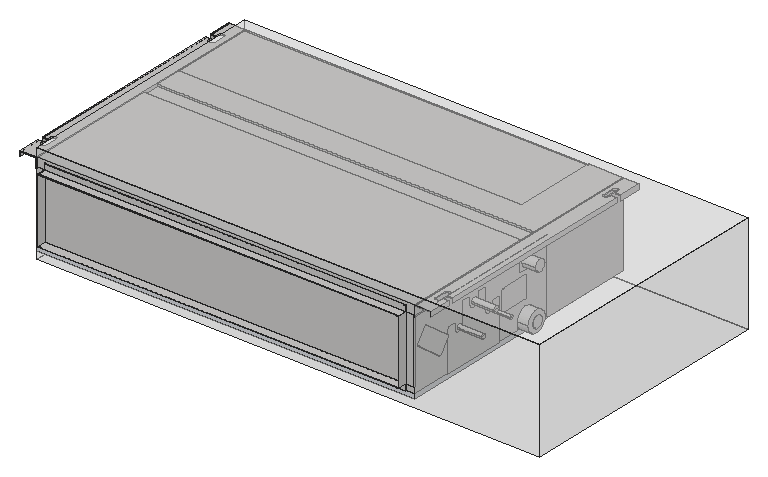
Revit family "outputfile", category 機械設備, Revit 2024
Family settings
  丸型コネクタ寸法 = 半径を使用
  パーツ タイプ = 標準
  OmniClass 番号 = 23.75.10.24.21.27.27
  OmniClass タイトル = Split System Air Conditioning Units
  作業面ベース = いいえ
  常に垂直 = はい
  ロード時にボイドで切り取り = いいえ
  注釈の向きを維持 = いいえ
  共有 = いいえ
  部屋計算ポイント = はい
Parameters (values of type "FPRQ50APVM")
  Description = ""
  書き出し IFC クラス(タイプ) = "IfcUnitaryEquipmentType"
  定義済み IFC タイプ(タイプ) = "AIRCONDITIONINGUNIT"
  Cost = 0
  Type Comments = ""
  Keynote = ""
  Type Image = (empty or 0)
  Assembly Code = ""
  w_RA Duct Size = RA Duct Size Width + 40.0 mm  # 820.0 mm
  r_HP/LP Gas Pipe Size = [HP/LP Gas Pipe Size] / 2  # 4.75 mm
  lw_HP/LP Gas Pipe Size = 60.0 mm  # constant formula
  lh_HP/LP Gas Pipe Size = 97.0 mm
  ld_HP/LP Gas Pipe Size = 131.0 mm
  製造元 = "Daikin"
  モデル = "FPRQ50APVM"
  w_pipe = 33.0 mm
  r_Liquid Pipe Size = Liquid Pipe Size / 2  # 3.2 mm
  r_Gas Pipe Size = Gas Pipe Size / 2  # 6.35 mm
  r_Drain Pipe Size = Drain Pipe Size / 2  # 13.0 mm
  lw_powersupply = 304.0 mm
  lh_suctionflange [instance] = if(Rear Connection_Return Air, 100.0 mm + [h***], 190.0 mm + [h***])  # 100.0 mm
  ld_suctionflange [instance] = if(Rear Connection_Return Air, 190.0 mm, 100.0 mm)  # 190.0 mm
  ld_powersupply = 60.0 mm
  angle_vertical_RA [instance] = if(Rear Connection_Return Air, 90.00°, 0.00°)  # 90.00°
  angle horizontal_RA [instance] = if(Rear Connection_Return Air, 180.00°, 270.00°)  # 180.00°
  Voltage_comment_60Hz = "220-230"
  Voltage_comment_50Hz = "220 - 240"
  Voltage_60Hz = 220 V
  Voltage_50Hz = 230 V
  URL = ""
  Supply Air Direction [instance] = yes
  Sound Power Level_H speed (dB) = 0
  Rear Connection_Return Air [instance] = not(Bottom Connection_Return Air)  # yes
  RA_length = 190.0 mm  # constant formula
  Phase_60Hz = 1
  Phase_50Hz = 1
  Minimum External Static Pressure = 20.00 Pa
  Minimum Circuit Amps_60Hz = 0.63 A
  Minimum Circuit Amps_50Hz = 0.63 A
  Maximum Fuse Amps_60Hz = 16.0 A
  Maximum Fuse Amps_50Hz = 16.0 A
  Maximum External Static Pressure = 50.00 Pa
  Material_Casing = DAIKIN_GalvanizedSteel_Casing_indoorunit
  lw_liquidpipe = 54.5 mm  # constant formula
  lw_gaspipe = 54.5 mm  # constant formula
  lw_mountinghole_pitch = Width + 40.0 mm  # 940.0 mm
  lw_mountinghole = 20.0 mm  # constant formula
  lw_drainpipe = 33.0 mm  # constant formula
  lh_powersupply = 10.0 mm
  lh_liquidpipe = 97.0 mm
  lh_gaspipe = 133.0 mm
  lh_mountinghole = Height + [h***]  # 200.0 mm
  lh_drainpipe = 50.0 mm
  lh_antena = 1.0 mm  # constant formula
  ld_liquidpipe = 221.0 mm  # constant formula
  ld_gaspipe = 176.0 mm  # constant formula
  ld_mountinghole_pitch = 500.0 mm  # constant formula
  ld_drainpipe = 287.0 mm  # constant formula
  ld_controlbox = 626.0 mm  # constant formula
  h*** = 0.0 mm  # constant formula
  d_dischargeflange = 22.2 mm  # constant formula
  Width = 900.0 mm
  Version = "ver.1.0"
  Unit Type = "Compact Moisture Control Ceiling Mounted Duct Type"
  Unit Mass Weight = 28.00 kg
  Unit Designation [instance] = ""
  Uniclass2015Version = "Products v1.30"
  Uniclass2015Title = "Variable refrigerant flow units"
  Uniclass2015Code = "Pr_70_65_03_94"
  Total Cooling Capacity [instance] = 0.000 kW
  Sound Pressure Level_M speed (dBA) = 32
  Sound Pressure Level_L speed (dBA) = 28
  Sound Pressure Level_H speed (dBA) = 36
  Series = "VRV HOME_Fan Coil Unit"
  Sensible Cooling Capacity [instance] = 0.000 kW
  SA Duct Size Width = 860.0 mm
  SA Duct Size Height = 153.0 mm
  Refrigerant Type = "R410A"
  RA Duct Size Width = 780.0 mm
  RA Duct Size Height = 160.0 mm
  Power Input (Cooling) = 0.055 kW
  Option Accessory 3 [instance] = ""
  Option Accessory 2 [instance] = ""
  Option Accessory 1 [instance] = ""
  Nominal Cooling Capacity = 5.600 kW
  Minimum Airflow = 600.00 m³/h
  Median Airflow = 690.00 m³/h
  Maximum Airflow = 810.00 m³/h
  Load Classification = HVAC
  Liquid Pipe Size = 6.4 mm
  Link_Nested Family [instance] = ""
  IfcVersion = ""
  IfcExportType = "AIRCONDITIONINGUNIT"
  IfcExportAs = "IfcUnitaryEquipmentType"
  Height = 200.0 mm
  Heat Exchanger Type = "Cross Fin Coil"
  HP/LP Gas Pipe Size = 9.5 mm
  Gas Pipe Size = 12.7 mm
  Frequency_60Hz = 60 Hz
  Frequency_50Hz = 50 Hz
  Fan Type = "Sirocco Fan"
  Fan Drive = "Direct Drive"
  FCU Tag No. [instance] = ""
  Drain Pipe Size = 26.0 mm
  Design Supply Airflow [instance] = 0.00 m³/h
  Design Return Airflow [instance] = 0.00 m³/h
  Design External Static Pressure [instance] = 0.00 Pa
  Depth = 620.0 mm
  既定の高さ = 0.0 mm
  Cooling Entering Wet Bulb Temperature [instance] = 0.00 °C
  Cooling Entering Dry Bulb Temperature [instance] = 0.00 °C
  Cooling Ambient Wet Bulb Temperature [instance] = 0.00 °C
  Cooling Ambient Dry Bulb Temperature [instance] = 0.00 °C
  Clearance visibility [instance] = yes
  Clearance Top = 20.0 mm
  Clearance Right = 300.0 mm
  Clearance Rear = 0.0 mm
  Clearance Left = 0.0 mm
  Clearance Front = 0.0 mm
  Clearance Bottom = 20.0 mm
  Bottom Connection_Return Air [instance] = no
Reference planes
  plane 1 "Center (Front/Back)": y = 0
  plane 2: z = 0
  plane 3 "Center (Left/Right)": x = 0
  plane 4 "Back": y = 310
  plane 5 "Front": y = -310
  plane 6 "Left": x = -450
  plane 7 "Right": x = 450
  plane 8 "Top": z = 0
  plane 9 "Bottom": z = -200
  plane 10: x = 330
  plane 11: x = -330
  plane 12: z = -190
  plane 13: z = -6
  plane 14: z = -22
  plane 15: z = -103
  plane 16: z = -67
  plane 17: x = -304
  plane 18: x = 304
  plane 19: x = -470
  plane 20: x = 470
  plane 21: y = -250
  plane 22: y = 250
  plane 23: x = -490
  plane 24: x = 390
  plane 25: x = 504.5
  plane 26: x = 504.5
  plane 27: x = 483
  plane 28: z = 0
  plane 29: z = -150
  plane 30 "Clearance Left": x = -450
  plane 31 "Clearance Right": x = 750
  plane 32 "Clearance Rear": y = 310
  plane 33 "Clearance Front": y = -310
  plane 34 "Clearance Top": z = 20
  plane 35 "Clearance Bottom": z = -220
  plane 36: z = -21
  plane 37: z = -50
  plane 38: z = -96.5
  plane 39: x = -40
  plane 40: y = -134
  plane 41: y = -89
  plane 42: y = -30
  plane 43: y = 23
  plane 44: z = -97.5
  plane 45: y = -309
  plane 46: x = -449
  plane 47: z = -100
  plane 48: z = -30
  plane 49: y = 210
  plane 50: z = 301
  plane 51: z = -199
  plane 52: y = 120
  plane 53: z = -101
  plane 54: x = 480
  plane 55: z = 11
  plane 56: z = 102.5
  plane 57: y = -179
Forms (mm)
  Extrusion 1, solid
    sketch origin (0, 0, 0) x (1, 0, 0) y (0, 0, 1)
      loop
        line (-450, -189.537) -> (-450, -200) -> (450, -200) -> (450, -189.537) -> (-450, -189.537)
    from -84 to 310
  Extrusion 2, solid, material "DAIKIN_GalvanizedSteel_Casing_indoorunit" <- "Material_Casing"
    sketch origin (0, 0, 0) x (1, 0, 0) y (0, 1, 0)
      loop
        line (-450, -310) -> (450, -310) -> (450, 310) -> (-450, 310) -> (-450, -310)
    from -200 to 0
  Extrusion 3, void
    sketch origin (0, 0, 1) x (1, 0, 0) y (0, 1, 0)
      loop
        line (-450, 48) -> (-450, 6) -> (450, 6) -> (450, 48) -> (-450, 48)
    from -1 to -7
  Extrusion 4, void
    sketch origin (450, 0, 0) x (0, 1, 0) y (0, 0, 1)
      loop
        line (44.5, -189.537) -> (44.5, -170)
        arc (44.5, -170) -> (20, -145.5) -> (-4.5, -170) r 24.5
        line (-4.5, -170) -> (-4.5, -189.537) -> (44.5, -189.537)
    from -1 to 0
  Revolve 5, solid, material "DAIKIN_GalvanizedSteel_Casing_indoorunit" <- "Material_Casing"
    sketch origin (0, 0, -67) x (0, -1, 0) y (1, 0, 0)
      loop
        line (127.65, 451) -> (134, 451) -> (134, 504.5) -> (127.65, 504.5) -> (127.65, 451)
      axis (134, 451) -> (134, 504.5)
    angle from 0 to 360
  Revolve 6, solid, material "DAIKIN_GalvanizedSteel_Casing_indoorunit" <- "Material_Casing"
    sketch origin (0, 0, -103) x (0, -1, 0) y (1, 0, 0)
      loop
        line (89, 451) -> (89, 504.5) -> (85.8, 504.5) -> (85.8, 451) -> (89, 451)
      axis (89, 504.5) -> (89, 451)
    angle from 0 to 360
  Extrusion 7, solid, material "DAIKIN_GalvanizedSteel_Casing_indoorunit" <- "Material_Casing"
    sketch origin (450, 0, 0) x (0, 1, 0) y (0, 0, 1)
      loop
        circle (23, -50) r 13
    from 0 to 33
  Extrusion 8, solid, material "DAIKIN_GalvanizedSteel_Casing_indoorunit" <- "Material_Casing"
    sketch origin (0, 0, 0) x (1, 0, 0) y (0, 0, 1)
      loop
        line (-450, -189.537) -> (-450, -200) -> (450, -200) -> (450, -189.537) -> (-450, -189.537)
    from -84 to 310
  Extrusion 9, solid, material "DAIKIN_GalvanizedSteel_Casing_indoorunit" <- "Material_Casing", visible <- "Bottom Connection_Return Air"
    sketch origin (0, 0, 0) x (1, 0, 0) y (0, 0, 1)
      loop
        line (369, -200) -> (369, -1) -> (-449, -1) -> (-449, -200) -> (369, -200)
    from -310 to -309
  Extrusion 10, void
    sketch origin (0, 0, 0) x (1, 0, 0) y (0, 0, 1)
      loop
        line (369, 0) -> (-449, 0) -> (-449, -1) -> (369, -1) -> (369, 0)
    from -310 to -111
  Extrusion 11, solid, material "DAIKIN_GalvanizedSteel_Casing_indoorunit" <- "Material_Casing", visible <- "Rear Connection_Return Air"
    sketch origin (0, 0, 0) x (1, 0, 0) y (0, 1, 0)
      loop
        line (-449, 310) -> (-449, 111) -> (369, 111) -> (369, 310) -> (-449, 310)
    from -200 to -199
  Extrusion 12, solid, material "DAIKIN_GalvanizedSteel_Casing_indoorunit" <- "Material_Casing"
    sketch origin (450, 0, 0) x (0, 1, 0) y (0, 0, 1)
      loop
        line (310, -22.445) -> (86.953, -22.445)
        arc (86.953, -22.445) -> (84.831, -23.324) -> (83.953, -25.445) r 3
        line (83.953, -25.445) -> (83.953, -195.005)
        arc (83.953, -195.005) -> (84.831, -197.126) -> (86.953, -198.005) r 3
        line (86.953, -198.005) -> (310, -198.005) -> (310, -22.445)
    from 1 to 0
  Extrusion 13, void
    sketch origin (450, 0, 0) x (0, 1, 0) y (0, 0, 1)
      loop
        arc (38.961, -70.949) -> (42.488, -69.488) -> (43.949, -65.961) r 4.988
        line (43.949, -65.961) -> (43.949, -34.039)
        arc (43.949, -34.039) -> (42.488, -30.512) -> (38.961, -29.051) r 4.988
        line (38.961, -29.051) -> (7.039, -29.051)
        arc (7.039, -29.051) -> (3.512, -30.512) -> (2.051, -34.039) r 4.988
        line (2.051, -34.039) -> (2.051, -65.961)
        arc (2.051, -65.961) -> (3.512, -69.488) -> (7.039, -70.949) r 4.988
        line (7.039, -70.949) -> (38.961, -70.949)
    from 0 to -1
  Extrusion 14, solid, material "DAIKIN_GalvanizedSteel_Casing_indoorunit" <- "Material_Casing"
    sketch origin (450, 0, 0) x (0, 1, 0) y (0, 0, 1)
      loop
        circle (20, -170) r 24.5
    from 27 to -1
  Extrusion 15, solid, material "DAIKIN_GalvanizedSteel_Casing_indoorunit" <- "Material_Casing"
    sketch origin (450, 0, 0) x (0, 1, 0) y (0, 0, 1)
      loop
        circle (20, -170) r 13
    from 30 to 27
  Revolve 16, solid, material "DAIKIN_GalvanizedSteel_Casing_indoorunit" <- "Material_Casing"
    sketch origin (0, -90, -103) x (0, -1, 0) y (1, 0, 0)
      loop
        line (89, 451) -> (89, 510) -> (84.25, 510) -> (84.25, 451) -> (89, 451)
      axis (89, 510) -> (89, 451)
    angle from 0 to 360
  Extrusion 17, solid, material "DAIKIN_GalvanizedSteel_Casing_indoorunit" <- "Material_Casing"
    sketch origin (450, 0, 0) x (0, 1, 0) y (0, 0, 1)
      loop
        line (-211.205, -110.811) -> (-211.205, -106.897) -> (-275.959, -56.305)
        arc (-275.959, -56.305) -> (-277.067, -55.998) -> (-278.067, -56.564) r 1.502
        line (-278.067, -56.564) -> (-301.436, -86.475)
        arc (-301.436, -86.475) -> (-302.05, -88.69) -> (-300.919, -90.691) r 3.003
        line (-300.919, -90.691) -> (-237.814, -139.993)
        arc (-237.814, -139.993) -> (-235.6, -140.607) -> (-233.599, -139.475) r 3.003
        line (-233.599, -139.475) -> (-211.205, -110.811)
      loop
        line (-50.992, -82.409) -> (-50.992, -128.409)
        arc (-50.992, -128.409) -> (-50.114, -130.53) -> (-47.992, -131.409) r 3
        line (-47.992, -131.409) -> (19.012, -131.409)
        arc (19.012, -131.409) -> (21.133, -130.53) -> (22.012, -128.409) r 3
        line (22.012, -128.409) -> (22.012, -82.409)
        arc (22.012, -82.409) -> (21.133, -80.287) -> (19.012, -79.409) r 3
        line (19.012, -79.409) -> (-47.992, -79.409)
        arc (-47.992, -79.409) -> (-50.114, -80.287) -> (-50.992, -82.409) r 3
    from 0 to 1
  Extrusion 18, solid, material "DAIKIN_GalvanizedSteel_Casing_indoorunit" <- "Material_Casing"
    sketch origin (450, 0, 0) x (0, 1, 0) y (0, 0, 1)
      loop
        line (-58.882, -189.537) -> (-58.882, -94.397)
        arc (-58.882, -94.397) -> (-59.762, -92.274) -> (-61.885, -91.394) r 3.003
        line (-61.885, -91.394) -> (-74.026, -91.394)
        arc (-74.026, -91.394) -> (-76.15, -92.274) -> (-77.029, -94.397) r 3.003
        line (-77.029, -94.397) -> (-77.029, -103)
        arc (-77.029, -103) -> (-88.474, -114.959) -> (-100.924, -104.052) r 11.971
        line (-100.924, -104.052) -> (-100.924, -56.159)
        arc (-100.924, -56.159) -> (-101.804, -54.035) -> (-103.927, -53.156) r 3.003
        line (-103.927, -53.156) -> (-116.44, -53.156)
        arc (-116.44, -53.156) -> (-118.563, -54.035) -> (-119.443, -56.159) r 3.003
        line (-119.443, -56.159) -> (-119.443, -67)
        arc (-119.443, -67) -> (-134, -81.557) -> (-148.557, -67) r 14.557
        line (-148.557, -67) -> (-148.557, -56.159)
        arc (-148.557, -56.159) -> (-149.437, -54.035) -> (-151.56, -53.156) r 3.003
        line (-151.56, -53.156) -> (-164.073, -53.156)
        arc (-164.073, -53.156) -> (-166.196, -54.035) -> (-167.076, -56.159) r 3.003
        line (-167.076, -56.159) -> (-167.076, -103)
        arc (-167.076, -103) -> (-179.13, -115.055) -> (-191.185, -103) r 12.055
        line (-191.185, -103) -> (-191.185, -94.397)
        arc (-191.185, -94.397) -> (-192.064, -92.274) -> (-194.188, -91.394) r 3.003
        line (-194.188, -91.394) -> (-208.202, -91.394)
        arc (-208.202, -91.394) -> (-210.325, -92.274) -> (-211.205, -94.397) r 3.003
        line (-211.205, -94.397) -> (-211.205, -189.537) -> (-58.882, -189.537)
    from 0 to 1
Cuts and joins
  Extrusion 3, Extrusion 4, Extrusion 10, Extrusion 13 cuts Extrusion 2
  Extrusion 4 cuts Extrusion 1
  Extrusion 10 cuts Extrusion 8
Dimensions and locks
  "lh_powersupply": plane 12 to plane 9 "Bottom"
  locked: plane 8 "Top" to plane 13 at 6
  "Height": plane 8 "Top" to plane 9 "Bottom"
  equal spacing: plane 17, plane 3 "Center (Left/Right)", plane 18, locked at 304 each
  plane 17 to plane 18 = 608.0 mm
  equal spacing: plane 19, plane 3 "Center (Left/Right)", plane 20
  "lw_mountinghole_pitch": plane 19 to plane 20
  locked: plane 14 to plane 9 "Bottom" at 178
  "lw_mountinghole": plane 23 to plane 19
  "lh_liquidpipe": plane 15 to plane 9 "Bottom"
  "lh_gaspipe": plane 16 to plane 9 "Bottom"
  "lh_mountinghole": plane 28 to plane 9 "Bottom"
  "ld_mountinghole_pitch": plane 22 to plane 21
  equal spacing: plane 6 "Left", plane 3 "Center (Left/Right)", plane 7 "Right"
  "Width": plane 6 "Left" to plane 7 "Right"
  "lh_drainpipe": plane 29 to plane 9 "Bottom"
  "Clearance Right": plane 7 "Right" to plane 31 "Clearance Right"
  "Clearance Left": plane 30 "Clearance Left" to plane 6 "Left"
  "lw_gaspipe": plane 7 "Right" to plane 26
  "lw_liquidpipe": plane 7 "Right" to plane 25
  "lw_drainpipe": plane 7 "Right" to plane 27
  "Clearance Rear": plane 32 "Clearance Rear" to plane 4 "Back"
  "Clearance Front": plane 5 "Front" to plane 33 "Clearance Front"
  "Clearance Top": plane 34 "Clearance Top" to plane 8 "Top"
  "Clearance Bottom": plane 9 "Bottom" to plane 35 "Clearance Bottom"
  "lw_powersupply": plane 3 "Center (Left/Right)" to plane 18
  locked: plane 8 "Top" to plane 36 at 21
  "lh_drainpipe": plane 8 "Top" to plane 37
  locked: plane 38 to plane 9 "Bottom" at 103.5
  locked: plane 36 to plane 44 at 76.5
  "Depth": plane 4 "Back" to plane 5 "Front"
  equal spacing: plane 4 "Back", plane 1 "Center (Front/Back)", plane 5 "Front"
  locked: plane 45 to plane 5 "Front" at 1
  locked: plane 46 to plane 6 "Left" at 1
  Extrusion 9 sketch curve to Extrusion 9 sketch curve = 199.0 mm
  nested 12 to plane 39 = 390.0 mm
  locked: plane 12 to plane 47 at 90
  plane 32 "Clearance Rear" to Extrusion 9 = 1.0 mm
  locked: plane 48 to plane 35 "Clearance Bottom" at 190
  plane 49 to nested 13 = 80.0 mm
  plane 50 to plane 28 = 301.0 mm
  locked: plane 51 to plane 9 "Bottom" at 1
  "ld_suctionflange": plane 4 "Back" to plane 52
  locked: plane 53 to plane 9 "Bottom" at 99
  locked: plane 54 to plane 7 "Right" at 30
  "r_Gas Pipe Size": Revolve 5 sketch curve to Revolve 5 sketch curve
  "ld_gaspipe": plane 40 to plane 5 "Front"
  "r_Liquid Pipe Size": Revolve 6 sketch curve to plane 41
  "ld_liquidpipe": plane 41 to plane 5 "Front"
  "ld_drainpipe": plane 4 "Back" to plane 43
  "r_HP/LP Gas Pipe Size": Revolve 16 sketch curve to plane 57
  "ld_HP/LP Gas Pipe Size": plane 57 to plane 5 "Front"
  plane 8 "Top" to plane 15 = 103.0 mm
  Extrusion 3 sketch curve to plane 5 "Front" = 316.0 mm
  locked: nested 11 to plane 7 "Right" at 19.5
  locked: plane 4 "Back" to nested 11 at 49.2
  locked: plane 7 "Right" to Extrusion 10 sketch curve at 81
  locked: plane 7 "Right" to Extrusion 9 sketch curve at 81
  "ld_gaspipe": Revolve 5 sketch curve to plane 5 "Front"
  plane 8 "Top" to Extrusion 13 sketch curve to Extrusion 13 sketch curve = 29.051 mm locked, 41.898 mm locked
  "r_Drain Pipe Size": radius of Extrusion 7 sketch curve
  aligned and locked: level to plane 2
  aligned and locked: Extrusion 2 to plane 9 "Bottom"
  aligned and locked: plane 8 "Top" to Extrusion 2
  aligned and locked: Revolve 5 sketch curve to Revolve 5 sketch curve
  aligned and locked: cut or joined group of Extrusion 1, Extrusion 4 to plane 9 "Bottom"
  aligned and locked: plane 25 to nested 6
  aligned and locked: nested 6 to plane 15
  aligned and locked: nested 2 to plane 22
  aligned and locked: plane 20 to nested 2
  aligned and locked: plane 20 to nested 3
  aligned and locked: plane 19 to nested 4
  aligned and locked: plane 22 to nested 5
  aligned and locked: nested 5 to plane 22
  aligned and locked: plane 19 to nested 5
  aligned and locked: plane 8 "Top" to nested 1
  aligned and locked: Extrusion 8 to plane 5 "Front"
  aligned and locked: Extrusion 8 to plane 9 "Bottom"
  aligned and locked: nested 7 to plane 16
  aligned and locked: plane 4 "Back" to nested 1
  aligned and locked: plane 40 to nested 7
  aligned and locked: plane 41 to nested 6
  aligned and locked: Extrusion 7 sketch curve to plane 43
  aligned and locked: nested 12 to plane 46
  aligned and locked: plane 4 "Back" to Extrusion 10
  aligned and locked: plane 8 "Top" to Extrusion 3
  aligned and locked: Extrusion 9 to cut or joined group of Extrusion 2, Extrusion 3, Extrusion 4, Extrusion 10, Extrusion 13
  aligned and locked: plane 9 "Bottom" to Extrusion 11  (x2)
  aligned and locked: Extrusion 11 to plane 51
  aligned and locked: plane 4 "Back" to nested 12
  aligned and locked: Extrusion 10 to level
  aligned and locked: plane 31 "Clearance Right" to nested 14
  aligned and locked: plane 30 "Clearance Left" to nested 14
  aligned and locked: nested 14 to plane 33 "Clearance Front"
  aligned and locked: nested 14 to plane 34 "Clearance Top"
  aligned and locked: nested 14 to plane 35 "Clearance Bottom"
  aligned and locked: plane 7 "Right" to Extrusion 12
  aligned and locked: Extrusion 3 to plane 13
  aligned and locked: plane 52 to nested 15
  aligned and locked: nested 8 to plane 37
  aligned and locked: nested 10 to plane 1 "Center (Front/Back)"
  aligned and locked: plane 46 to Extrusion 9
  aligned and locked: nested 12 to plane 51
  aligned and locked: plane 3 "Center (Left/Right)" to nested 10
  aligned and locked: plane 13 to nested 16
  aligned and locked: plane 44 to nested 9
  aligned and locked: level to plane 8 "Top"
  aligned and locked: plane 3 "Center (Left/Right)" to nested 1
  aligned and locked: Extrusion 2 sketch curve to plane 5 "Front"
  aligned and locked: plane 3 "Center (Left/Right)" to nested 16
  aligned and locked: plane 5 "Front" to nested 16
  aligned and locked: nested 9 to plane 5 "Front"
  aligned and locked: plane 41 to Revolve 6 sketch curve  (x2)
  aligned and locked: plane 57 to nested 17
  aligned and locked: plane 57 to Revolve 16 sketch curve  (x2)
  aligned and locked: Revolve 16 sketch curve to nested 17
  aligned and locked: nested 17 to plane 15
  aligned and locked: plane 7 "Right" to nested 7
  aligned and locked: plane 7 "Right" to nested 17
  aligned and locked: Extrusion 11 sketch curve to cut or joined group of Extrusion 2, Extrusion 3, Extrusion 4, Extrusion 10, Extrusion 13  (x2)
  aligned and locked: plane 46 to nested 13
  aligned and locked: plane 7 "Right" to nested 8
  aligned and locked: plane 43 to nested 8
  aligned and locked: nested 11 to plane 9 "Bottom"
  aligned and locked: plane 32 "Clearance Rear" to nested 14
Automatic sketch dimensions
  Extrusion 1 sketch curve to plane 6 "Left" = 0.0 mm
  Extrusion 1 sketch curve to plane 7 "Right" = 0.0 mm
  Extrusion 1 sketch curve to plane 9 "Bottom" = 0.0 mm
  plane 12 to Extrusion 1 sketch curve = 0.463 mm
  Extrusion 2 sketch curve to plane 4 "Back" = 0.0 mm
  Extrusion 2 sketch curve to plane 6 "Left" = 0.0 mm
  Extrusion 2 sketch curve to plane 7 "Right" = 0.0 mm
  Extrusion 3 sketch curve to plane 6 "Left" = 0.0 mm
  Extrusion 3 sketch curve to plane 7 "Right" = 0.0 mm
  plane 43 to Extrusion 3 sketch curve = 25.0 mm
  plane 1 "Center (Front/Back)" to Extrusion 4 sketch curve = 4.5 mm
  Extrusion 4 sketch curve to plane 43 = 3.0 mm
  plane 12 to Extrusion 4 sketch curve = 0.463 mm
  Extrusion 4 sketch curve to Extrusion 4 sketch curve = 19.537 mm
  Revolve 5 sketch curve to plane 25 = 0.0 mm
  plane 7 "Right" to Revolve 5 sketch curve = 1.0 mm
  Revolve 5 sketch curve to plane 39 = 57.997 mm
  plane 25 to Revolve 5 sketch curve = 1.003 mm
  Revolve 6 sketch curve to plane 25 = 0.0 mm  (x2)
  plane 7 "Right" to Revolve 6 sketch curve = 1.0 mm
  Revolve 6 sketch curve to Revolve 6 sketch curve = 0.0 mm
  Extrusion 8 sketch curve to plane 6 "Left" = 0.0 mm
  Extrusion 8 sketch curve to plane 7 "Right" = 0.0 mm
  Extrusion 8 sketch curve to plane 9 "Bottom" = 0.0 mm
  plane 12 to Extrusion 8 sketch curve = 0.463 mm
  plane 46 to Extrusion 9 sketch curve = 0.0 mm
  Extrusion 9 sketch curve to plane 9 "Bottom" = 0.0 mm
  plane 46 to Extrusion 10 sketch curve = 0.0 mm
  Extrusion 10 sketch curve to level = 0.0 mm
  Extrusion 10 sketch curve to level = 1.0 mm
  Extrusion 11 sketch curve to plane 46 = 0.0 mm
  Extrusion 11 sketch curve to plane 4 "Back" = 0.0 mm
  Extrusion 13 sketch curve to plane 1 "Center (Front/Back)" = 2.051 mm
  Extrusion 13 sketch curve to plane 1 "Center (Front/Back)" = 7.039 mm
  Extrusion 13 sketch curve to Extrusion 13 sketch curve = 4.988 mm
  plane 43 to Extrusion 13 sketch curve = 15.961 mm  (x2)
  plane 16 to Extrusion 13 sketch curve = 1.039 mm
  Extrusion 14 sketch curve to plane 43 = 3.0 mm
  plane 12 to Extrusion 14 sketch curve = 20.0 mm
  Extrusion 15 sketch curve to plane 43 = 3.0 mm
  plane 12 to Extrusion 15 sketch curve = 20.0 mm
  plane 45 to Extrusion 17 sketch curve = 7.564 mm
  plane 38 to Extrusion 17 sketch curve = 5.809 mm
  Extrusion 17 sketch curve to Extrusion 17 sketch curve = 0.518 mm  (x2)
  Extrusion 17 sketch curve to Extrusion 17 sketch curve = 2.366 mm  (x3)
  Extrusion 17 sketch curve to plane 37 = 6.564 mm
  Extrusion 17 sketch curve to plane 21 = 28.067 mm
  Extrusion 17 sketch curve to Extrusion 17 sketch curve = 1.183 mm
  Extrusion 17 sketch curve to plane 37 = 6.305 mm
  Extrusion 17 sketch curve to Extrusion 17 sketch curve = 0.924 mm
  plane 21 to Extrusion 17 sketch curve = 12.186 mm
  Extrusion 17 sketch curve to Extrusion 17 sketch curve = 1.849 mm
  plane 29 to Extrusion 17 sketch curve = 10.525 mm
  Extrusion 17 sketch curve to plane 15 = 7.811 mm
  Extrusion 17 sketch curve to plane 57 = 32.205 mm
  Extrusion 17 sketch curve to plane 42 = 20.992 mm
  Extrusion 17 sketch curve to Extrusion 17 sketch curve = 3.0 mm  (x2)
  Extrusion 17 sketch curve to plane 43 = 3.988 mm  (x2)
  Extrusion 17 sketch curve to plane 43 = 0.988 mm
  plane 29 to Extrusion 17 sketch curve = 18.591 mm
  Extrusion 17 sketch curve to plane 15 = 3.897 mm
  plane 38 to Extrusion 17 sketch curve = 14.091 mm
  Extrusion 18 sketch curve to plane 15 = 0.0 mm  (x2)
  Extrusion 18 sketch curve to plane 16 = 0.0 mm  (x3)
  Extrusion 18 sketch curve to plane 41 = 0.0 mm
  Extrusion 18 sketch curve to plane 41 = 11.924 mm  (x2)
  Extrusion 18 sketch curve to plane 15 = 1.052 mm
  Extrusion 18 sketch curve to Extrusion 18 sketch curve = 3.003 mm  (x8)
  Extrusion 18 sketch curve to plane 37 = 3.156 mm  (x2)
  Extrusion 18 sketch curve to Extrusion 18 sketch curve = 12.513 mm  (x2)
  Extrusion 18 sketch curve to plane 37 = 6.159 mm  (x4)
  Extrusion 18 sketch curve to Extrusion 18 sketch curve = 0.0 mm  (x6)
  Extrusion 18 sketch curve to plane 40 = 0.0 mm
  plane 57 to Extrusion 18 sketch curve = 11.924 mm
  Extrusion 18 sketch curve to plane 57 = 0.13 mm
  plane 38 to Extrusion 18 sketch curve = 2.103 mm  (x5)
  Extrusion 18 sketch curve to Extrusion 18 sketch curve = 14.014 mm
  plane 12 to Extrusion 18 sketch curve = 0.463 mm
  Extrusion 18 sketch curve to plane 57 = 32.205 mm
  plane 38 to Extrusion 18 sketch curve = 5.106 mm
  Extrusion 18 sketch curve to Extrusion 18 sketch curve = 12.141 mm
  Extrusion 18 sketch curve to plane 42 = 28.882 mm
  Extrusion 12 sketch curve to plane 4 "Back" = 0.0 mm
  plane 51 to Extrusion 12 sketch curve = 0.995 mm
  Extrusion 12 sketch curve to plane 52 = 33.047 mm  (x2)
  Extrusion 12 sketch curve to plane 14 = 3.445 mm
  Extrusion 12 sketch curve to Extrusion 12 sketch curve = 3.0 mm
  Extrusion 7 sketch curve to plane 37 = 0.0 mm
  Revolve 16 sketch curve to plane 25 = 0.0 mm
  plane 7 "Right" to Revolve 16 sketch curve = 1.0 mm
  Revolve 16 sketch curve to Revolve 16 sketch curve = 0.0 mm
  radius of Extrusion 14 sketch curve = 24.5 mm
  radius of Extrusion 15 sketch curve = 13.0 mm
Nested families
  nested 1: "daikin_hangerfixture_FPRQ-APVM" at (0, 0, 0), type "daikin_hangerfixture_FPRQ-APVM"
    with width 900.0 mm
  nested 2: "daikin_mountinghole" at (470, 250, -200), l_antenna <- "lh_antena", Link_Nested Family <- "Link_Nested Family", h_mountinghole <- "lh_mountinghole", type "daikin_mountinghole"
    with show yes, l_antenna 1.0 mm, h_mountinghole 200.0 mm, Link_Nested Family ""
  nested 3: "daikin_mountinghole" at (470, -250, -200), Link_Nested Family <- "Link_Nested Family", l_antenna <- "lh_antena", h_mountinghole <- "lh_mountinghole", type "daikin_mountinghole"
    with show yes, l_antenna 1.0 mm, h_mountinghole 200.0 mm, Link_Nested Family ""
  nested 4: "daikin_mountinghole" at (-470, -250, -200), l_antenna <- "lh_antena", Link_Nested Family <- "Link_Nested Family", h_mountinghole <- "lh_mountinghole", type "daikin_mountinghole"
    with show yes, l_antenna 1.0 mm, h_mountinghole 200.0 mm, Link_Nested Family ""
  nested 5: "daikin_mountinghole" at (-470, 250, -200), l_antenna <- "lh_antena", Link_Nested Family <- "Link_Nested Family", h_mountinghole <- "lh_mountinghole", type "daikin_mountinghole"
    with show yes, l_antenna 1.0 mm, h_mountinghole 200.0 mm, Link_Nested Family ""
  nested 6: "daikin_connector_rotate2" at (450, -89, -103) x (0, 1, 0) z (0, 0, 1), length <- "lw_liquidpipe", built-in parameter 1001364 <- "lh_liquidpipe", radius <- "r_Liquid Pipe Size", type "daikin_connector_rotate2"
    with radius 3.2 mm, length 54.5 mm, angle_vertical 90.00°
  nested 7: "daikin_connector_rotate2" at (450, -134, -67) x (0, 1, 0) z (0, 0, 1), length <- "lw_gaspipe", built-in parameter 1001364 <- "lh_gaspipe", radius <- "r_Gas Pipe Size", type "daikin_connector_rotate2"
    with radius 6.35 mm, length 54.5 mm, angle_vertical 90.00°
  nested 8: "daikin_connector_rotate2" at (450, 23, -50) x (0, 1, 0) z (0, 0, 1), built-in parameter 1001364 <- "lh_drainpipe", radius <- "r_Drain Pipe Size", length <- "lw_drainpipe", type "daikin_connector_rotate2"
    with radius 13.0 mm, length 33.0 mm, angle_vertical 90.00°
  nested 9: "daikin_connector_rotate2" at (0, -310, -97.5), length <- "d_dischargeflange", type "daikin_connector_rotate2"
    with radius 10.0 mm, length 22.2 mm, angle_vertical 90.00°
  nested 10: "daikin_△_symbolicline" at (-75, -129.904, 200) x (-0.5, 0.866, 0) z (0, 0, 1), built-in parameter 1001364 <- "Height", visible <- "Supply Air Direction", type "daikin_△_symbolicline"
    with length 300.0 mm
  nested 11: "daikin_connector_rotate2" at (430.5, 260.8, -140) x (-1, 0, 0) z (0, 0, 1), type "daikin_connector_rotate2"
    with radius 10.0 mm, length 60.0 mm, angle_vertical 0.00°
  nested 12: "daikin_ductflange_FPRQ-APVM_2" at (-40, 310, -100), material <- "Material_Casing", visible <- "Rear Connection_Return Air", height <- "RA Duct Size Height", width <- "w_RA Duct Size", type "daikin_ductflange_FPRQ-APVM_2"
    with width 820.0 mm, material DAIKIN_GalvanizedSteel_Casing_indoorunit, height 160.0 mm, depth 21.2 mm
  nested 13: "daikin_ductflange_FPRQ-APVM_2" at (-40, 210, -200) x (1, 0, 0) z (0, 1, 0), material <- "Material_Casing", visible <- "Bottom Connection_Return Air", width <- "w_RA Duct Size", height <- "RA Duct Size Height", type "daikin_ductflange_FPRQ-APVM_2"
    with width 820.0 mm, material DAIKIN_GalvanizedSteel_Casing_indoorunit, height 160.0 mm, depth 21.2 mm
  nested 14: "daikin_clearancespace" at (150, 0, -99.881), visible <- "Clearance visibility", show <- "Clearance visibility", Link_Nested Family <- "Link_Nested Family", type "daikin_clearancespace"
    with width 1200.0 mm, show yes, height 240.0 mm, depth 620.0 mm, Link_Nested Family ""
  nested 15: "daikin_connector_rotate3" at (-40, 120, -100), built-in parameter 1001364 <- "lh_suctionflange", angle_vertical <- "angle_vertical_RA", angle_horizontal <- "angle horizontal_RA", length <- "RA_length", type "daikin_connector_rotate3"
    with show no, radius 10.0 mm, length 190.0 mm, angle_vertical 90.00°, angle_horizontal 180.00°
  nested 16: "daikin_ductflange_FPRQ-APVM_1" at (0, 3.5, -364.201), width <- "SA Duct Size Width", type "daikin_ductflange_FPRQ-APVM_1"
    with width 860.0 mm, material DAIKIN_GalvanizedSteel_Casing_indoorunit, height 155.0 mm, depth 22.2 mm
  nested 17: "daikin_connector_rotate2" at (450, -179, -103) x (0, 1, 0) z (0, 0, 1), length <- "lw_HP/LP Gas Pipe Size", built-in parameter 1001364 <- "lh_HP/LP Gas Pipe Size", radius <- "r_HP/LP Gas Pipe Size", type "daikin_connector_rotate2"
    with radius 4.75 mm, length 60.0 mm, angle_vertical 90.00°
Connectors
  piping at (504.5, -134, -67), diameter 12.7, driven by "r_Gas Pipe Size"
    settings: on nested 7, index 1, connector inside diameter 609.6 mm, connector length 0.0 mm, flow factor 0, pipe flow 0.00 m³/h, pressure drop 0.0 Pa, fitting loss kfactor 0, connector angle 0.00°, fixture units 0, engagement length 0.0 mm, angle of deflection 0.00°, flow configuration 1, flow direction 2, fitting loss method 0, system type 29, joint type 0, gender type 0, connector reference index -1, connector utility 0, adjustable connector no, is connector primary yes, connector description "Refrigerant Gas Piping"
  piping at (504.5, -89, -103), diameter 6.4, driven by "r_Liquid Pipe Size"
    settings: on nested 6, index 2, connector inside diameter 609.6 mm, connector length 0.0 mm, flow factor 0, pipe flow 0.00 m³/h, pressure drop 0.0 Pa, fitting loss kfactor 0, connector angle 0.00°, fixture units 0, engagement length 0.0 mm, angle of deflection 0.00°, flow configuration 1, flow direction 1, fitting loss method 0, system type 29, joint type 0, gender type 0, connector reference index -1, connector utility 0, adjustable connector no, is connector primary no, connector description "Refrigerant Liquid Piping"
  piping at (483, 23, -50), diameter 26, driven by "r_Drain Pipe Size"
    settings: on nested 8, index 3, connector inside diameter 609.6 mm, connector length 0.0 mm, flow factor 0, pipe flow 0.00 m³/h, pressure drop 0.0 Pa, fitting loss kfactor 0, connector angle 0.00°, fixture units 0, engagement length 0.0 mm, angle of deflection 0.00°, flow configuration 1, flow direction 2, fitting loss method 4, system type 16, joint type 0, gender type 0, connector reference index -1, connector utility 0, adjustable connector no, is connector primary no, connector description "Condensate Drain Piping"
  electrical at (430.5, 260.8, -200), driven by "Load Classification"
    settings: on nested 11, index 9, voltage 0 V, apparent load 0 VA, apparent load phase1 0 VA, apparent load phase2 0 VA, apparent load phase3 0 VA, power factor 1, load classification "HVAC", number of poles 1, system type 30, power factor state 1, is connector primary yes, connector utility no, sub classification motor no, connector description "Power Supply"
  hvac at (0, -332.2, -97.5), driven by "SA Duct Size Height", driven by "SA Duct Size Width"
    settings: on nested 9, index 11, duct flow 0.00 m³/h, flow factor 0, pres drop 0.00 Pa, loss coef 0, conn angle 0.00°, conn width 860.0 mm, conn height 153.0 mm, conn diameter 609.6 mm, duct sys type 1, conn prof type 1, flow config 0, flow direction 2, loss method 4, conn ref index -1, conn util no, is conn primary yes, conn desc "SA Duct"
  hvac at (-40, 310, -100), driven by "RA Duct Size Height", driven by "RA Duct Size Width"
    settings: on nested 15, index 12, duct flow 0.00 m³/h, flow factor 0, pres drop 0.00 Pa, loss coef 0, conn angle 0.00°, conn width 780.0 mm, conn height 160.0 mm, conn diameter 609.6 mm, duct sys type 2, conn prof type 1, flow config 0, flow direction 1, loss method 4, conn ref index -1, conn util no, is conn primary no, conn desc "RA Duct"
  piping at (504.5, -134, -67), diameter 12.7, driven by "r_Gas Pipe Size"
    settings: on nested 7, index 13, connector inside diameter 609.6 mm, connector length 0.0 mm, flow factor 0, pipe flow 0.00 m³/h, pressure drop 0.0 Pa, fitting loss kfactor 0, connector angle 0.00°, fixture units 0, engagement length 0.0 mm, angle of deflection 0.00°, flow configuration 1, flow direction 2, fitting loss method 0, system type 29, joint type 0, gender type 0, connector reference index -1, connector utility 0, adjustable connector no, is connector primary no, connector description "Refrigerant Gas Piping"
  piping at (510, -179, -103), diameter 9.5, driven by "r_HP/LP Gas Pipe Size"
    settings: on nested 17, index 14, connector inside diameter 609.6 mm, connector length 0.0 mm, flow factor 0, pipe flow 0.00 m³/h, pressure drop 0.0 Pa, fitting loss kfactor 0, connector angle 0.00°, fixture units 0, engagement length 0.0 mm, angle of deflection 0.00°, flow configuration 1, flow direction 0, fitting loss method 0, system type 29, joint type 0, gender type 0, connector reference index -1, connector utility 0, adjustable connector no, is connector primary no, connector description "Refrigerant HP/LP Gas Piping"
Definition of nested family "daikin_hangerfixture_FPRQ-APVM"
  Parameters (values of type "daikin_hangerfixture_FXDQ-PDVT4")
    width = 700.0 mm
    material = none
    height = 65.0 mm
    depth = 620.0 mm
    Default Elevation = 0.0 mm
  Reference planes
    plane 1 "Center (Front/Back)": y = 0
    plane 2: z = 0
    plane 3 "Center (Left/Right)": x = 0
    plane 4: x = 350
    plane 5: y = 310
    plane 6: y = -310
    plane 7: x = -350
  Forms (mm)
    Extrusion 1, solid, material <- "material"
      sketch origin (0, 0, 0) x (1, 0, 0) y (0, 0, 1)
        loop
          line (350, 0) -> (350, -24.477) -> (351.56, -22.917) -> (351.56, -1.56) -> (387.944, -1.56) -> (387.944, -11.312) -> (389.504, -11.312) -> (389.504, 0) -> (350, 0)
      from -310 to 310
    Extrusion 2, void
      sketch origin (0, 0, 0) x (0, 1, 0) y (0, 0, 1)
        loop
          line (310, -30) -> (310, -17.979) -> (87.935, -17.979) -> (75.914, -30) -> (310, -30)
      from 0 to 618
    Extrusion 3, void
      sketch origin (0, 0, 0) x (1, 0, 0) y (0, 1, 0)
        loop
          line (390, -243.5) -> (377, -243.5) -> (377, -237)
          arc (377, -237) -> (370, -230) -> (363, -237) r 7
          line (363, -237) -> (363, -263)
          arc (363, -263) -> (370, -270) -> (377, -263) r 7
          line (377, -263) -> (377, -256.5) -> (390, -256.5) -> (390, -243.5)
        loop
          line (390, 243.5) -> (390, 256.5) -> (377, 256.5) -> (377, 263)
          arc (377, 263) -> (370, 270) -> (363, 263) r 7
          line (363, 263) -> (363, 237)
          arc (363, 237) -> (370, 230) -> (377, 237) r 7
          line (377, 237) -> (377, 243.5) -> (390, 243.5)
      from -254.96 to 618
    Extrusion 4, solid, material <- "material"
      sketch origin (0, 0, 0) x (-1, 0, 0) y (0, 0, -1)
        loop
          line (350, 0) -> (389.504, 0) -> (389.504, 11.312) -> (387.944, 11.312) -> (387.944, 1.56) -> (351.56, 1.56) -> (351.56, 22.917) -> (350, 24.477) -> (350, 0)
      from -310 to 310
    Extrusion 5, void
      sketch origin (0, 0, 0) x (-1, 0, 0) y (0, -1, 0)
        loop
          line (390, 243.5) -> (390, 256.5) -> (377, 256.5) -> (377, 263)
          arc (377, 263) -> (370, 270) -> (363, 263) r 7
          line (363, 263) -> (363, 237)
          arc (363, 237) -> (370, 230) -> (377, 237) r 7
          line (377, 237) -> (377, 243.5) -> (390, 243.5)
        loop
          line (390, -243.5) -> (377, -243.5) -> (377, -237)
          arc (377, -237) -> (370, -230) -> (363, -237) r 7
          line (363, -237) -> (363, -263)
          arc (363, -263) -> (370, -270) -> (377, -263) r 7
          line (377, -263) -> (377, -256.5) -> (390, -256.5) -> (390, -243.5)
      from -254.96 to 618
  Cuts and joins
    Extrusion 2, Extrusion 3, Extrusion 5 cuts Extrusion 1
    Extrusion 5 cuts Extrusion 4
  Dimensions and locks
    equal spacing: plane 5, plane 1 "Center (Front/Back)", plane 6
    "depth": plane 5 to plane 6
    plane 6 to plane 1 "Center (Front/Back)" to plane 5 = 310.0 mm, 310.0 mm
    locked: Extrusion 1 sketch curve to plane 4 at 1.56
    locked: level to Extrusion 1 sketch curve at 1.56
    locked: Extrusion 1 sketch curve to plane 4 at 39.504
    locked: level to Extrusion 1 sketch curve at 11.312
    locked: Extrusion 1 sketch curve to Extrusion 1 sketch curve at 1.56
    locked: level to Extrusion 1 sketch curve at 24.477
    equal spacing: plane 7, plane 3 "Center (Left/Right)", plane 4
    "width": plane 7 to plane 4
    locked: plane 7 to Extrusion 4 sketch curve at 1.56
    locked: level to Extrusion 4 sketch curve at 11.312
    locked: plane 7 to Extrusion 4 sketch curve at 39.504
    locked: Extrusion 4 sketch curve to Extrusion 4 sketch curve at 1.56
    locked: plane 2 to Extrusion 4 sketch curve at 1.56
    locked: plane 2 to Extrusion 4 sketch curve at 24.477
    locked: Extrusion 5 sketch curve to plane 7 at 13
    aligned and locked: level to plane 2
    aligned and locked: plane 5 to Extrusion 1
    aligned and locked: Extrusion 1 to plane 6
    aligned and locked: Extrusion 1 to plane 4
    aligned and locked: plane 5 to cut or joined group of Extrusion 1, Extrusion 2, Extrusion 3, Extrusion 5
    aligned and locked: cut or joined group of Extrusion 1, Extrusion 2, Extrusion 3, Extrusion 5 to plane 6
    aligned and locked: level to cut or joined group of Extrusion 1, Extrusion 2, Extrusion 3, Extrusion 5
    aligned and locked: plane 5 to cut or joined group of Extrusion 4, Extrusion 5
    aligned and locked: cut or joined group of Extrusion 4, Extrusion 5 to plane 6
    aligned and locked: Extrusion 1 sketch curve to level
    aligned and locked: Extrusion 4 sketch curve to plane 7
    aligned and locked: plane 2 to Extrusion 4 sketch curve
  Automatic sketch dimensions
    Extrusion 2 sketch curve to plane 5 = 0.0 mm
    Extrusion 2 sketch curve to level = 17.979 mm
    Extrusion 2 sketch curve to plane 1 "Center (Front/Back)" = 87.935 mm
    Extrusion 2 sketch curve to level = 30.0 mm
    Extrusion 2 sketch curve to Extrusion 2 sketch curve = 12.021 mm
    plane 4 to Extrusion 3 sketch curve = 13.0 mm  (x2)
    Extrusion 3 sketch curve to Extrusion 3 sketch curve = 7.0 mm  (x4)
    Extrusion 3 sketch curve to Extrusion 3 sketch curve = 13.0 mm  (x4)
    plane 6 to Extrusion 3 sketch curve = 47.0 mm
    Extrusion 3 sketch curve to Extrusion 3 sketch curve = 6.5 mm  (x4)
    Extrusion 3 sketch curve to plane 5 = 73.0 mm
    Extrusion 5 sketch curve to plane 5 = 73.0 mm
    plane 6 to Extrusion 5 sketch curve = 73.0 mm
    Extrusion 5 sketch curve to Extrusion 5 sketch curve = 7.0 mm  (x4)
    Extrusion 5 sketch curve to Extrusion 5 sketch curve = 13.0 mm  (x4)
    Extrusion 5 sketch curve to Extrusion 5 sketch curve = 6.5 mm  (x4)
    Extrusion 1 sketch curve to plane 4 = 0.0 mm
    Extrusion 1 sketch curve to Extrusion 1 sketch curve = 1.56 mm
    Extrusion 4 sketch curve to Extrusion 4 sketch curve = 1.56 mm
    Extrusion 5 sketch curve to plane 7 = 13.0 mm
Definition of nested family "daikin_ductflange_FPRQ-APVM_2"
  Parameters (values of type "daikin_ductflange_FPRQ-APVM_2")
    width [instance] = 620.0 mm
    material [instance] = none
    height [instance] = 160.0 mm
    depth [instance] = 21.2 mm
    Default Elevation = 0.0 mm
  Reference planes
    plane 1 "Center (Front/Back)": y = 0
    plane 2: z = 0
    plane 3 "Center (Left/Right)": x = 0
    plane 4: y = -313.5
    plane 5: y = -334.7
    plane 6: x = -310
    plane 7: x = 310
    plane 8: z = 80
    plane 9: z = -80
    plane 10: z = 100
    plane 11: z = -100
    plane 12: x = -309
    plane 13: x = 309
  Forms (mm)
    Extrusion 1, solid, material <- "material"
      sketch origin (0, 0, 0) x (1, 0, 0) y (0, 0, 1)
        loop
          line (-290, 80) -> (-290, -80) -> (290, -80) -> (290, 80) -> (-290, 80)
        loop
          line (-309, -99) -> (309, -99) -> (309, 99) -> (-309, 99) -> (-309, -99)
      from 0 to 1
  Dimensions and locks
    plane 4 to plane 1 "Center (Front/Back)" = 313.5 mm
    "depth": plane 5 to plane 4
    equal spacing: plane 7, plane 3 "Center (Left/Right)", plane 6, locked at 310 each
    "width": plane 7 to plane 6
    equal spacing: plane 8, level, plane 9
    "height": plane 8 to plane 9
    equal spacing: plane 10, level, plane 11, locked at 100 each
    locked: plane 10 to plane 11 at 200
    plane 12 to plane 6 = 1.0 mm
    locked: plane 7 to plane 13 at 1
    Extrusion 1 sketch curve to Extrusion 1 sketch curve = 19.0 mm  (x4)
    locked: plane 10 to Extrusion 1 sketch curve at 1
    locked: Extrusion 1 sketch curve to plane 11 at 1
    aligned and locked: level to plane 2
    aligned and locked: plane 8 to Extrusion 1
    aligned and locked: plane 9 to Extrusion 1
  Automatic sketch dimensions
    plane 6 to Extrusion 1 sketch curve = 1.0 mm
    Extrusion 1 sketch curve to plane 7 = 1.0 mm
Definition of nested family "daikin_clearancespace"
  Parameters (values of type "daikin_clearancespace")
    Description = "daikin_clearancespace"
    width [instance] = 1823.963 mm
    show [instance] = yes
    material = none
    height [instance] = 1359.762 mm
    depth [instance] = 880.0 mm
    Default Elevation = 0.0 mm
    Link_Nested Family [instance] = ""
  Reference planes
    plane 1 "Center (Front/Back)": y = 0
    plane 2 "Center (Elevation)": z = -0.119
    plane 3 "Center (Left/Right)": x = 0
    plane 4: y = 440
    plane 5: y = -440
    plane 6 "Right": x = 911.982
    plane 7 "Left": x = -911.982
    plane 8 "Top": z = 679.762
    plane 9 "Bottom": z = -680
  Forms (mm)
    Extrusion 1, solid, material <- "material", visible <- "show"
      sketch origin (0, 0, 0) x (1, 0, 0) y (0, 1, 0)
        loop
          line (-911.982, 440) -> (-911.982, -440) -> (911.982, -440) -> (911.982, 440) -> (-911.982, 440)
      from -680 to 679.762
  Lines and regions (mm)
    symbolic lines, visible <- "show"
      curve 1: line (911.982, 440, 0) -> (-911.982, 440, 0)
      curve 2: line (-911.982, 440, 0) -> (-911.982, -440, 0)
      curve 3: line (-911.982, -440, 0) -> (911.982, -440, 0)
      curve 4: line (911.982, -440, 0) -> (911.982, 440, 0)
      curve 5: line (911.982, 0, 679.762) -> (-911.982, 0, 679.762)
      curve 6: line (911.982, 0, -680) -> (911.982, 0, 679.762)
      curve 7: line (-911.982, 0, -680) -> (911.982, 0, -680)
      curve 8: line (-911.982, 0, 679.762) -> (-911.982, 0, -680)
      curve 9: line (0, 440, 679.762) -> (0, -440, 679.762)
      curve 10: line (0, -440, 679.762) -> (0, -440, -680)
      curve 11: line (0, 440, -680) -> (0, 440, 679.762)
      curve 12: line (0, -440, -680) -> (0, 440, -680)
  Dimensions and locks
    "width": plane 7 "Left" to plane 6 "Right"
    "depth": plane 4 to plane 5
    "height": plane 8 "Top" to plane 9 "Bottom"
    equal spacing: plane 7 "Left", plane 3 "Center (Left/Right)", plane 6 "Right"
    equal spacing: plane 4, plane 1 "Center (Front/Back)", plane 5
    equal spacing: plane 8 "Top", plane 2 "Center (Elevation)", plane 9 "Bottom"
    aligned and locked: level to plane 2 "Center (Elevation)"
    aligned and locked: Extrusion 1 sketch curve to plane 4
    aligned and locked: plane 7 "Left" to Extrusion 1 sketch curve
    aligned and locked: Extrusion 1 sketch curve to plane 5
    aligned and locked: Extrusion 1 sketch curve to plane 6 "Right"
    aligned and locked: plane 8 "Top" to Extrusion 1
    aligned and locked: curve 1 to Extrusion 1
    aligned and locked: curve 2 to Extrusion 1
    aligned and locked: curve 3 to Extrusion 1
    aligned and locked: curve 4 to Extrusion 1
    aligned and locked: curve 5 to Extrusion 1
    aligned and locked: curve 6 to Extrusion 1
    aligned and locked: curve 7 to Extrusion 1
    aligned and locked: curve 8 to Extrusion 1
    aligned and locked: curve 9 to Extrusion 1
    aligned and locked: curve 10 to Extrusion 1
    aligned and locked: curve 11 to Extrusion 1
    aligned and locked: curve 12 to Extrusion 1
    aligned and locked: Extrusion 1 to plane 9 "Bottom"
Definition of nested family "daikin_ductflange_FPRQ-APVM_1"
  Parameters (values of type "daikin_ductflange_FXDQ-PDVT4_1")
    width [instance] = 660.0 mm
    material [instance] = none
    height [instance] = 155.0 mm
    depth [instance] = 22.2 mm
    Default Elevation = 0.0 mm
  Reference planes
    plane 1 "Center (Front/Back)": y = 0
    plane 2: z = 189.201
    plane 3 "Center (Left/Right)": x = 0
    plane 4: y = -313.5
    plane 5: x = -330
    plane 6: x = 330
    plane 7: y = -335.7
    plane 8: z = 344.201
    plane 9: z = 266.701
    plane 10: z = 343.201
    plane 11: z = 190.201
  Forms (mm)
    Extrusion 1, solid, material <- "material"
      sketch origin (0, 0, 189.201) x (1, 0, 0) y (0, 1, 0)
        loop
          line (-330, -335.7) -> (-330, -313.5) -> (-350, -313.5) -> (-350, -314.5) -> (-331, -314.5) -> (-331, -335.7) -> (-330, -335.7)
        loop
          line (330, -335.7) -> (331, -335.7) -> (331, -314.5) -> (350, -314.5) -> (350, -313.5) -> (330, -313.5) -> (330, -335.7)
      from 1 to 154
    Extrusion 2, solid, material <- "material"
      sketch origin (0, 0, 0) x (0, 1, 0) y (0, 0, 1)
        loop
          line (-313.5, 343.201) -> (-313.5, 358.201) -> (-314.5, 358.201) -> (-314.5, 344.201) -> (-335.7, 344.201) -> (-335.7, 343.201) -> (-313.5, 343.201)
        loop
          line (-313.5, 190.201) -> (-335.7, 190.201) -> (-335.7, 189.201) -> (-314.5, 189.201) -> (-314.5, 175.201) -> (-313.5, 175.201) -> (-313.5, 190.201)
      from -330 to 330
  Dimensions and locks
    plane 4 to plane 1 "Center (Front/Back)" = 313.5 mm
    "depth": plane 7 to plane 4
    equal spacing: plane 8, plane 9, level
    "height": plane 8 to level
    equal spacing: plane 6, plane 3 "Center (Left/Right)", plane 5
    "width": plane 6 to plane 5
    locked: plane 8 to plane 10 at 1
    locked: plane 11 to level at 1
    locked: Extrusion 1 to Extrusion 2 sketch curve at 1
    locked: Extrusion 2 sketch curve to Extrusion 1 at 1
    locked: Extrusion 1 sketch curve to Extrusion 1 sketch curve at 1  (x2)
    locked: Extrusion 1 sketch curve to plane 5 at 20
    locked: plane 6 to Extrusion 1 sketch curve at 20
    aligned and locked: level to plane 2
    aligned and locked: plane 4 to Extrusion 1  (x2)
    aligned and locked: plane 5 to Extrusion 1
    aligned and locked: Extrusion 1 to plane 7  (x2)
    aligned and locked: Extrusion 1 to plane 6
    aligned and locked: Extrusion 1 to plane 10
    aligned and locked: Extrusion 1 to plane 11
    aligned and locked: plane 10 to Extrusion 1
    aligned and locked: plane 11 to Extrusion 1
    aligned and locked: Extrusion 2 to plane 5
    aligned and locked: plane 5 to Extrusion 2
    aligned and locked: plane 6 to Extrusion 2
    aligned and locked: Extrusion 2 to plane 6
    aligned and locked: Extrusion 2 to plane 11
    aligned and locked: Extrusion 2 to plane 10
  Automatic sketch dimensions
    Extrusion 1 sketch curve to plane 4 = 0.0 mm  (x2)
    Extrusion 1 sketch curve to plane 7 = 0.0 mm  (x2)
    Extrusion 1 sketch curve to plane 5 = 0.0 mm
    Extrusion 1 sketch curve to plane 5 = 1.0 mm
    plane 6 to Extrusion 1 sketch curve = 1.0 mm
    Extrusion 2 sketch curve to plane 7 = 0.0 mm  (x2)
    Extrusion 2 sketch curve to plane 4 = 0.0 mm  (x2)
    Extrusion 2 sketch curve to plane 11 = 0.0 mm
    Extrusion 2 sketch curve to plane 10 = 0.0 mm
    Extrusion 2 sketch curve to plane 4 = 1.0 mm  (x2)
    Extrusion 2 sketch curve to level = 14.0 mm
    plane 8 to Extrusion 2 sketch curve = 14.0 mm
    Extrusion 1 sketch curve to plane 6 = 0.0 mm
Definition of nested family "daikin_mountinghole"
  Parameters (values of type "daikin_mountinghole")
    Default Elevation = 1219.2 mm
    Type Comments = "mountinghole"
    show [instance] = yes
    material = none
    l_centerline = 100.0 mm
    l_antenna [instance] = 100.0 mm
    h_mountinghole [instance] = 0.0 mm
    d_circle = 30.0 mm
    Link_Nested Family [instance] = ""
  Reference planes
    plane 1 "Center (Front/Back)": y = 0
    plane 2: z = 0
    plane 3 "Center (Left/Right)": x = 0
    plane 4: y = 50
    plane 5: x = -50
    plane 6: x = 50
    plane 7: y = -50
    plane 8 "h_mountinghole": z = 0
    plane 9: z = 100
  Lines and regions (mm)
    model lines, detail levels fine
      curve 1: circle (0, 0, 0) r 15 normal (0, 0, 1)
      curve 2: line (-50, 0, 0) -> (50, 0, 0)
      curve 3: line (0, 50, 0) -> (0, -50, 0)
    symbolic lines, detail levels fine
      curve 4: circle (0, 0, 0) r 15 normal (0, 0, 1)
      curve 5: line (-50, 0, 0) -> (50, 0, 0)
      curve 6: line (0, 50, 0) -> (0, -50, 0)
    model lines
      curve 7: line (0, 0, 100) -> (0, 0, 0)
  Dimensions and locks
    equal spacing: plane 4, plane 1 "Center (Front/Back)", plane 7
    "l_centerline": plane 4 to plane 7
    equal spacing: plane 5, plane 3 "Center (Left/Right)", plane 6
    "l_centerline": plane 5 to plane 6
    "l_antenna": plane 9 to plane 8 "h_mountinghole"
    "h_mountinghole": plane 8 "h_mountinghole" to plane 2
    "d_circle": diameter of curve 1
    "d_circle": diameter of curve 4
    aligned and locked: level to plane 2
    aligned and locked: plane 1 "Center (Front/Back)" to curve 1
    aligned and locked: plane 3 "Center (Left/Right)" to curve 1
    aligned and locked: plane 1 "Center (Front/Back)" to curve 2
    aligned and locked: curve 3 to plane 3 "Center (Left/Right)"
    aligned and locked: plane 6 to curve 2
    aligned and locked: plane 5 to curve 2
    aligned and locked: plane 4 to curve 3
    aligned and locked: plane 7 to curve 3
    aligned and locked: plane 1 "Center (Front/Back)" to curve 4
    aligned and locked: plane 3 "Center (Left/Right)" to curve 4
    aligned and locked: plane 6 to curve 5
    aligned and locked: plane 5 to curve 5
    aligned and locked: plane 1 "Center (Front/Back)" to curve 5
    aligned and locked: plane 4 to curve 6
    aligned and locked: plane 7 to curve 6
    aligned and locked: curve 6 to plane 3 "Center (Left/Right)"
    aligned and locked: curve 7 to plane 3 "Center (Left/Right)"
    aligned and locked: plane 9 to curve 7
    aligned and locked: plane 8 "h_mountinghole" to curve 7
Definition of nested family "daikin_connector_rotate2"
  Parameters (values of type "daikin_connector_rotate2")
    show_face = no
    radius [instance] = 10.0 mm
    length [instance] = 600.0 mm
    d_surface = 10.0 mm
    angle_vertical [instance] = 90.00°
    Default Elevation = 0.0 mm
  Reference planes
    plane 1 "Center (Front/Back)": y = 0
    plane 2: z = 0
    plane 3 "Center (Left/Right)": x = 0
  Forms (mm)
    Extrusion 1, solid, visible <- "show_face"
      sketch origin (0, -600, 0) x (1, 0, 0) y (0, 0, 1)
        loop
          circle (0, 0) r 10
      from 0 to -10
  Lines and regions (mm)
    reference lines
      curve 1: line (0, 0, 0) -> (0, -600, 0)
    symbolic lines
      curve 2: circle (0, 0, 0) r 5 normal (0, 0, 1)
    model lines, visible <- "show_face"
      curve 3: line (0, 0, 0) -> (0, -600, 0)
  Dimensions and locks
    "length": curve 1 to curve 1
    "length": curve 3 to curve 3
    "d_surface": Extrusion 1 to Extrusion 1
    "radius": radius of Extrusion 1 sketch curve
    "angle_vertical": angle curve 1 to plane 1 "Center (Front/Back)"
    "angle_vertical": angle curve 3 to plane 1 "Center (Front/Back)"
    aligned and locked: level to plane 2
    aligned and locked: plane 1 "Center (Front/Back)" to curve 1
    aligned and locked: plane 2 to curve 1
    aligned and locked: plane 1 "Center (Front/Back)" to curve 2
    aligned and locked: plane 3 "Center (Left/Right)" to curve 2
    aligned and locked: plane 1 "Center (Front/Back)" to curve 3
    aligned and locked: plane 2 to curve 3
    aligned and locked: Extrusion 1 to Extrusion 1
  Automatic sketch dimensions
    Extrusion 1 sketch curve to level = 0.0 mm
    Extrusion 1 sketch curve to plane 3 "Center (Left/Right)" = 0.0 mm
    radius of curve 2 = 5.0 mm
Definition of nested family "daikin_△_symbolicline"
  Parameters (values of type "daikin_△_symbolicline")
    length [instance] = 500.0 mm
    Default Elevation = 0.0 mm
  Reference planes
    plane 1 "Center (Front/Back)": y = 0
    plane 2: z = 0
    plane 3 "Center (Left/Right)": x = 0
  Lines and regions (mm)
    symbolic lines
      curve 1: line (0, -433.013, 0) -> (250, 0, 0)
      curve 2: line (250, 0, 0) -> (-250, 0, 0)
      curve 3: line (-250, 0, 0) -> (0, -433.013, 0)
  Dimensions and locks
    equal spacing: curve 3, plane 3 "Center (Left/Right)", curve 2
    "length": curve 3 to curve 2
    "length": curve 3 to curve 3
    "length": curve 1 to curve 1
    aligned and locked: level to plane 2
    aligned and locked: curve 2 to plane 1 "Center (Front/Back)"
    aligned and locked: plane 3 "Center (Left/Right)" to curve 3
Definition of nested family "daikin_connector_rotate3"
  Parameters (values of type "daikin_connector_rotate3")
    Default Elevation = 0.0 mm
    show [instance] = no
    radius [instance] = 10.0 mm
    length [instance] = 600.0 mm
    angle_horizontal [instance] = 60.00°
    angle_vertical [instance] = 90.00°
  Reference planes
    plane 1 "Center (Front/Back)": y = 0
    plane 2: z = 0
    plane 3 "Center (Left/Right)": x = 0
  Dimensions and locks
    "angle_horizontal": angle plane 3 "Center (Left/Right)" to nested 1
    aligned and locked: level to plane 2
    aligned and locked: plane 1 "Center (Front/Back)" to nested 1  (x2)
    aligned and locked: plane 3 "Center (Left/Right)" to nested 1
  Nested families
    nested 1: "daikin_connector_rotate2" at (0, 0, 0) x (0.5, 0.866, 0) z (0, 0, 1), angle_vertical <- "angle_vertical", length <- "length", radius <- "radius", type "daikin_connector_rotate2"
      with radius 10.0 mm, length 600.0 mm, angle_vertical 90.00°, show_face no
  Definition of nested family "daikin_connector_rotate2"
    Parameters (values of type "daikin_connector_rotate2")
      show_face = yes
      radius [instance] = 10.0 mm
      length [instance] = 600.0 mm
      d_surface = 10.0 mm
      angle_vertical [instance] = 90.00°
      Default Elevation = 0.0 mm
    Reference planes
      plane 1 "Center (Front/Back)": y = 0
      plane 2: z = 0
      plane 3 "Center (Left/Right)": x = 0
    Forms (mm)
      Extrusion 1, solid, visible <- "show_face"
        sketch origin (0, -600, 0) x (1, 0, 0) y (0, 0, 1)
          loop
            circle (0, 0) r 10
        from 0 to -10
    Lines and regions (mm)
      reference lines
        curve 1: line (0, 0, 0) -> (0, -600, 0)
      symbolic lines
        curve 2: circle (0, 0, 0) r 5 normal (0, 0, 1)
      model lines, visible <- "show_face"
        curve 3: line (0, 0, 0) -> (0, -600, 0)
    Dimensions and locks
      "length": curve 1 to curve 1
      "length": curve 3 to curve 3
      "d_surface": Extrusion 1 to Extrusion 1
      "radius": radius of Extrusion 1 sketch curve
      "angle_vertical": angle curve 1 to plane 1 "Center (Front/Back)"
      "angle_vertical": angle curve 3 to plane 1 "Center (Front/Back)"
      aligned and locked: level to plane 2
      aligned and locked: plane 1 "Center (Front/Back)" to curve 1
      aligned and locked: plane 2 to curve 1
      aligned and locked: plane 1 "Center (Front/Back)" to curve 2
      aligned and locked: plane 3 "Center (Left/Right)" to curve 2
      aligned and locked: plane 1 "Center (Front/Back)" to curve 3
      aligned and locked: plane 2 to curve 3
      aligned and locked: Extrusion 1 to Extrusion 1
    Automatic sketch dimensions
      Extrusion 1 sketch curve to level = 0.0 mm
      Extrusion 1 sketch curve to plane 3 "Center (Left/Right)" = 0.0 mm
      radius of curve 2 = 5.0 mm
